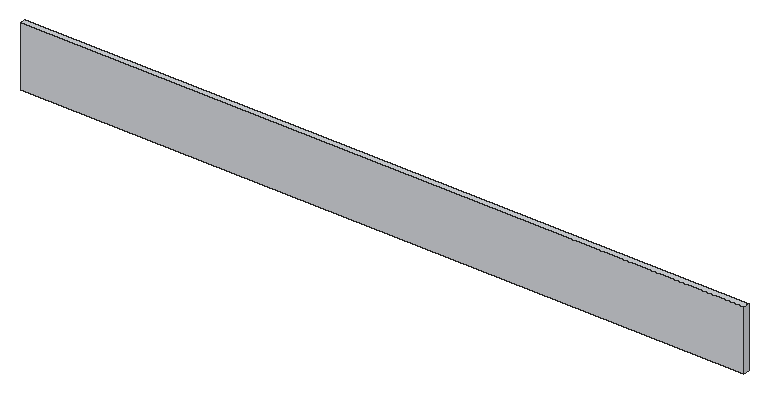
Revit family "BIM_ST_Scaff_ToeBoard_Shared", category Generic Models, Revit 2022
Family settings
  Can host rebar = No
  Round Connector Dimension = Use Diameter
  Part Type = Normal
  Work Plane-Based = No
  Always vertical = Yes
  Cut with Voids When Loaded = No
  Maintain Annotation Orientation = No
  Shared = Yes
  Room Calculation Point = No
Parameters
  Default Elevation = 0 mm
Reference planes
  plane 1 "Center (Front/Back)": y = 0
  plane 2: z = 0
  plane 3 "Center (Left/Right)": x = 0
Forms (mm)
  Extrusion 1, solid
    sketch origin (0, 0, 0) x (1, 0, 0) y (0, 1, 0)
      loop
        line (-900, -7.5) -> (900, -7.5) -> (900, 7.5) -> (-900, 7.5) -> (-900, -7.5)
    from 0 to 150
Dimensions and locks
  aligned and locked: level to plane 2
